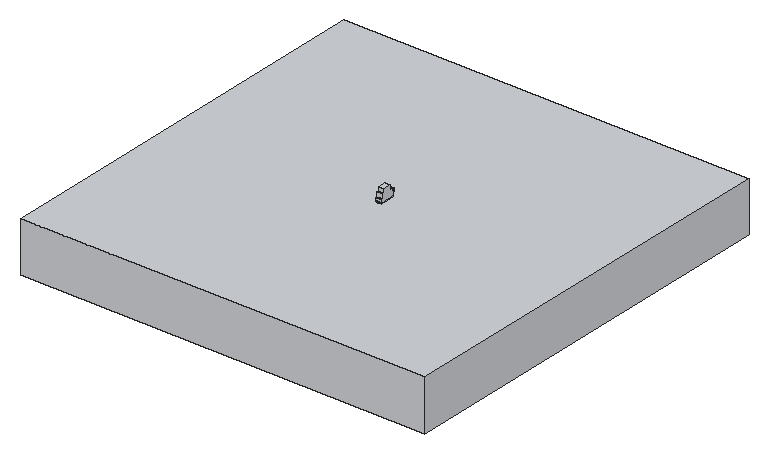
Revit family "Gira_208900", category Elektroinstallationen, Revit 2017
Family settings
  Basisbauteil = Fläche
  Beschriftungsausrichtung beibehalten = Nein
  Bemaßung runder Anschluss = Durchmesser verwenden
  Teiletyp = Normal
  Beim Laden mit Abzugskörper schneiden = Nein
  Gemeinsam genutzt = Nein
  Raumberechnungspunkt = Nein
Parameters
  Zentrale Funktionseinheit für Sender/Aktoren = yes
  Werkstoffgüte = "sonstige"
  Werkstoff = "sonstige"
  Default Elevation = 1219.2 mm
  URL = "https://www.gira.de/"
  Typname = "Abdeckrahmen 1f ClassiX Messing"
  Transparent = no
  Temperaturregler = yes
  Status-LED = yes
  Schutzart (IP) = "IP20"
  Präsenztaster = no
  Produktseite = "http://katalog.gira.de/de_DE/datenblatt.html?artikelnr=208900"
  Oberfläche = "sonstige"
  Montageart = "REG"
  Mit LED-Anzeige = no
  Mit Display = yes
  Mit Diebstahl-/Demontageschutz = yes
  Mit Busankopplung = yes
  Mit Beschriftungsfeld = no
  Logischer Baustein = yes
  IR-Sensor = no
  Hersteller = "Gira"
  HAN = "208900"
  GTIN = "4010337035374"
  Funk bidirektional = no
  Farbe = "sonstige"
  Datenblatt = "https://katalog.gira.de/de_DE/download.html?artikelnr=208900"
  DCF77 Empfänger integriert = no
  Bussystem Powernet = no
  Bussystem LON = no
  Bussystem KNX-Funk = no
  Bussystem KNX = yes
  Bussystem Funkbus = no
  Breite in Teilungseinheiten = 2
  Beschreibung = "Gira S1  REG Merkmale: - Sicherer Fernzugriff per Gira Smart Home App, HomeServer iOS App und Gira Sicherheitssystem iOS- und Android-App. - Sicherer Fernzugriff auf webbasierte Visualisierungen. - Sichere Fernwartung und Fernprogrammierung vom Gira HomeServer, Gira G1, Gira X1, Gira L1, Gira TKS-IP-Datenschnittstelle, Gira Sicherheitssystem Alarm Connect und Gira KNX IP-Router. - Sichere Fernprogrammierung über den Gira HomeServer-Experten. - Sichere Fernprogrammierung über den Gira Projekt Assistent (GPA). - Sichere Fernwartung und Fernprogrammierung von KNX Projekten mittels ETS4 oder ETS5. Unterstützt wird die Programmierung und Diagnose über Gruppen- und Busmonitor. - Sicherer Fernzugriff auf HTML-Seiten im Smart-Home-Netzwerk (z.B. Kamera, NAS, Router, Switch). - Sichere Datenübertragung mittels SSL TLS-Verschlüsselung. - Portalserver steht in Deutschland und unterliegt dem deutschen Datenrecht. - Unabhängigkeit vom Internetprovider und eingesetzten Routern. Sicherer Fernzugriff auch bei IPv6 Dual Stack Lite- (z.B. bei Unitymedia), LTE- oder UMTS-Anschlüssen. - Zugriffsmanagement der gesicherten Verbindungen über KNX Kommunikationsobjekte, Gira X1-App, Gira HomeServer-App und QuadClient. - Statussignalisierung der gesicherten Verbindungen über KNX Kommunikationsobjekte, Gira X1 App, Gira HomeServer App und QuadClient. - Benachrichtigungen per E-Mail versenden. Der E-Mail kann optional einen Anhang hinzugefügt werden. - Benachrichtigungen per SMS oder Sprachanruf versenden über den kostenpflichtigen Zusatzdienst sms77 oder MessageBird. - Auslöser der Benachrichtigungen können individuell konfiguriert werden (Filter, Bedingungen, Hysterese). - Bis zu 50 Benachrichtigungen werden unterstützt. - Optimierte KNX IP-Kommunikation, für mobile und sehr langsame Verbindungen. - Unterstützt die beschleunigte Übertragung von der ETS zu KNXnet IP Geräten über eine direkte KNX IP-Verbindung. - Zwei Buchsen RJ45 mit Switch-Funktionalität unterstützen das einfache Durchschleifen des Patchkabels. - Schnelle und komfortable Inbetriebnahme des Gira S1 über das Gira Geräteportal. - 2 GB Datenvolumen pro Monat. - Unbegrenzte Nutzungsdauer und 5 Jahre garantierter Serverbetrieb. - Funktionale Erweiterungen bzw. Aktualisierungen über Firmware- und Software-Updates. - Firmware-Update erfolgt über den Gira Projekt Assistent (GPA). - Hardware für KNX Secure vorbereitet. Zukünftiges Firmware-Update erforderlich.  Hinweise : - Versorgung über externe DC 24 V. - microSD-Karte nicht im Lieferumfang enthalten."
  BIM = "https://media.stage.bim.site/public/gira/876eb45/Gira%20X1%20REG%20KNX.rfa?public/gira/876eb45/Gira X1 REG KNX.rfa"
  Ausführung der Oberfläche = "nicht zutreffend"
  Ausführung = "USB"
  Andere Bussysteme = "ohne"
Reference planes
  plane 1 "Center (Front/Back)": y = 0
  plane 2: z = 0
  plane 3 "Center (Left/Right)": x = 0
Forms (mm)
  Extrusion 1, solid
    sketch origin (0, 0, 0) x (1, 0, 0) y (0, 1, 0)
      loop
        line (-1219.2, 1219.2) -> (-1219.2, -1219.2) -> (1219.2, -1219.2) -> (1219.2, 1219.2) -> (-1219.2, 1219.2)
    from 0 to -304.8
  Extrusion 2, solid, detail levels fine
    sketch origin (0, -0.2, 0) x (0, 1, 0) y (0, 0, 1)
      loop
        line (22.65, 43.82) -> (22.65, 68.77) -> (-22.25, 68.77) -> (-22.25, 43.82) -> (-30.4, 43.82) -> (-30.4, 19.42) -> (-44.8, 19.42) -> (-44.8, 1.97) -> (45.192, 1.97) -> (45.192, 28.47) -> (32.925, 28.47) -> (32.831, 39.259) -> (31.225, 41.242) -> (31.225, 43.82) -> (22.65, 43.82)
    from -17.95 to 17.95
  Extrusion 3, solid, detail levels fine
    sketch origin (0, -0.2, 0) x (0, 1, 0) y (0, 0, 1)
      loop
        line (45.192, 43.82) -> (31.225, 43.82) -> (31.225, 41.242) -> (32.831, 39.259) -> (32.925, 28.47) -> (45.192, 28.47) -> (45.192, 43.82)
    from -17.95 to -15.8
  Extrusion 4, solid, detail levels fine
    sketch origin (0, -0.2, 0) x (0, 1, 0) y (0, 0, -1)
      loop
        line (45.192, -43.82) -> (45.192, -28.47) -> (32.925, -28.47) -> (32.831, -39.259) -> (31.225, -41.242) -> (31.225, -43.82) -> (45.192, -43.82)
    from -17.95 to -15.8
  Extrusion 5, solid, detail levels fine
    sketch origin (0, -0.2, 0) x (0, 1, 0) y (0, 0, 1)
      loop
        line (31.5, 42.848) -> (31.5, 40.412)
        arc (31.5, 40.412) -> (38.359, 39.512) -> (45.192, 38.435) r 267
        line (45.192, 38.435) -> (45.192, 14.255)
        arc (45.192, 14.255) -> (50.205, 15.189) -> (55.2, 16.219) r 264.9
        line (55.2, 16.219) -> (55.2, 38.933)
        arc (55.2, 38.933) -> (43.394, 41.159) -> (31.5, 42.848) r 265
    from -15.506 to 15.5
  Extrusion 6, solid, detail levels fine
    sketch origin (0, -0.2, 0) x (0, 1, 0) y (0, 0, 1)
      loop
        line (45.2, 1.5) -> (17.774, 1.5) -> (17.905, -6.017)
        arc (17.905, -6.017) -> (20.285, -6.454) -> (22.7, -6.6) r 20
        arc (22.7, -6.6) -> (33.985, -5.009) -> (45.128, -2.618) r 160
        line (45.128, -2.618) -> (45.2, 1.5)
    from -17.95 to 18
  Extrusion 7, solid, detail levels fine
    sketch origin (0, -0.2, 0) x (0, 1, 0) y (0, 0, 1)
      loop
        line (17.905, -6.017) -> (17.824, -1.4) -> (16.8, -1.4) -> (14.749, -4.952)
        arc (14.749, -4.952) -> (16.305, -5.55) -> (17.905, -6.017) r 20
    from -17.95 to -13
  Extrusion 8, solid, detail levels fine
    sketch origin (0, -0.2, 0) x (0, 1, 0) y (0, 0, -1)
      loop
        arc (17.905, 6.017) -> (16.305, 5.55) -> (14.749, 4.952) r 20
        line (14.749, 4.952) -> (16.8, 1.4) -> (17.824, 1.4) -> (17.905, 6.017)
    from -17.95 to -13
  Extrusion 9, solid, detail levels fine
    sketch origin (0, -0.2, 0) x (0, 1, 0) y (0, 0, 1)
      loop
        line (17.8, 0) -> (17.774, 1.5) -> (-44.8, 1.5) -> (-44.774, 0) -> (17.8, 0)
    from -17.95 to 17.95
  Extrusion 10, solid, detail levels fine
    sketch origin (0, 0, 0) x (0, 1, 0) y (0, 0, 1)
      loop
        line (-48.916, -3.317) -> (-44.906, -3.881) -> (-44.974, 0) -> (-48.916, 0) -> (-48.916, -3.317)
    from -4.803 to 4.797
  Extrusion 11, solid, detail levels fine
    sketch origin (0, 0, 0) x (0, 1, 0) y (0, 0, 1)
      loop
        arc (-22.5, -6.6) -> (-20.811, -6.529) -> (-19.134, -6.315) r 20
        line (-19.134, -6.315) -> (-18.029, -3.279) -> (-18, 0) -> (-44.974, 0) -> (-44.928, -2.618)
        arc (-44.928, -2.618) -> (-33.785, -5.009) -> (-22.5, -6.6) r 160
    from -17.95 to -10.5
  Extrusion 12, solid, detail levels fine
    sketch origin (0, 0, 0) x (0, 1, 0) y (0, 0, -1)
      loop
        arc (-22.5, 6.6) -> (-33.785, 5.009) -> (-44.928, 2.618) r 160
        line (-44.928, 2.618) -> (-44.974, 0) -> (-18, 0) -> (-18.029, 3.279) -> (-19.134, 6.315)
        arc (-19.134, 6.315) -> (-20.811, 6.529) -> (-22.5, 6.6) r 20
    from -17.95 to -10.5
  Extrusion 13, solid, detail levels fine
    sketch origin (0, 0, 0) x (0, 1, 0) y (0, 0, 1)
      loop
        line (-30.708, -6.6) -> (-30.65, 0) -> (-44.974, 0) -> (-44.859, -6.6) -> (-30.708, -6.6)
    from -10.5 to 10.5
  Extrusion 14, solid, detail levels fine
    sketch origin (0, 0, 0) x (1, 0, 0) y (0, 1, 0)
      loop
        circle (-0.003, -20.023) r 1
    from -7.682 to 0
  Extrusion 15, solid, detail levels fine
    sketch origin (0, 0, 0) x (0, 1, 0) y (0, 0, 1)
      loop
        line (-17.523, -0.8) -> (-17.523, 0) -> (-30.65, 0) -> (-30.684, -3.9) -> (-27.106, -3.9) -> (-27.106, -5.6) -> (-19.623, -6.6) -> (-18.03, -6.6) -> (-15.023, -2.682) -> (-15.023, -1.517) -> (-17.523, -0.8)
    from -4.503 to 4.5
  Extrusion 16, solid, detail levels fine
    sketch origin (0, 0, 0) x (1, 0, 0) y (0, 1, 0)
      loop
        line (16.859, 43.848) -> (-16.859, 43.848) -> (-16.859, -43.859) -> (16.859, -43.859) -> (16.859, 43.848)
    from 1.5 to 4
  Extrusion 17, solid, detail levels medium
    sketch origin (0, 0, 0) x (0, 1, 0) y (0, 0, 1)
      loop
        line (22.45, 68.77) -> (-22.45, 68.77) -> (-22.45, 43.82) -> (-30.6, 43.82) -> (-30.6, 19.42) -> (-45, 19.42) -> (-45, 0) -> (-48.916, 0) -> (-48.916, -6.6) -> (-15.023, -6.6) -> (-15.023, 0) -> (14.549, 0) -> (14.549, -6.6) -> (44.992, -6.6) -> (44.992, 14.255)
        arc (44.992, 14.255) -> (50.005, 15.189) -> (55, 16.219) r 264.9
        line (55, 16.219) -> (55, 38.933)
        arc (55, 38.933) -> (50.005, 39.943) -> (44.992, 40.856) r 265
        line (44.992, 40.856) -> (44.992, 43.82) -> (22.45, 43.82) -> (22.45, 68.77)
    from -17.95 to 17.95
  Extrusion 18, solid, detail levels coarse
    sketch origin (0, 0, 0) x (1, 0, 0) y (0, 1, 0)
      loop
        line (-17.95, 55) -> (-17.95, -48.916) -> (17.95, -48.916) -> (17.95, 55) -> (-17.95, 55)
    from -7.682 to 68.77
Dimensions and locks
  aligned and locked: plane 2 to Extrusion 1
  aligned and locked: level to Extrusion 1
Connectors
  electrical at (0, -13.687, 0)
    settings: on Extrusion 9, index 1, voltage 24 V, apparent load 0 VA, apparent load phase1 0 VA, apparent load phase2 0 VA, apparent load phase3 0 VA, power factor 1, load classification "Other", number of poles 1, system type 30, power factor state 1, is connector primary yes, connector utility no, sub classification motor no, connector description ""
